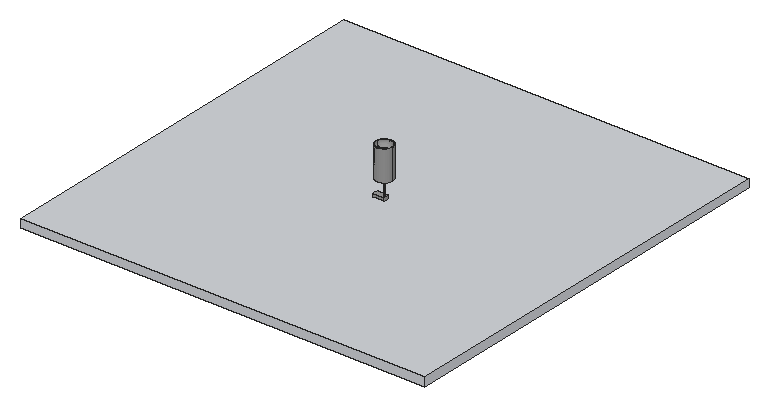
Revit family "LAMP_KOMBIC 100 SURFACE SUSPENDED TRACK 2000 CRI80 OPAL DALI", category Luminarias, Revit 2018
Family settings
  Anfitrión = Cara
  Cota de conector redondo = Diámetro de uso
  Tipo de pieza = Normal
  Corte con vacíos al cargar = No
  Origen de luz = Sí
  Compartido = No
  Punto de cálculo de habitación = No
Parameters (values of type "1392LM 3000K  M/B")
  Ángulo de inclinación = -90.00°
  Weight = 0.498 kg
  UGR = ""
  Type = "COB PHILIPS"
  Protection rating = "IP40"
  Product datasheet = "http://www.lamp.es/product-files/TECH/K11ST2040OP830NMB-EN.pdf"
  Product code = "K11ST2040OP830DMB"
  Product URL = "https://www.lamp.es/en/family/kombic-surface_474354"
  Power Supply = "220-240V 50/60Hz"
  Power = 12 W
  Plum = 13.4 W
  Modelo = Product code  # "K11ST2040OP830DMB"
  Model explanation = "Possibility to modify the lenght of the suspension cable up to 1m"
  Material reflector = LAMP_PC Reflector Kombic Metalizado Mate
  Material floron = LAMP_Plástico genérico NG
  Material difusor = LAMP_PMMA Difusor Kombic
  Material cuerpo = LAMP_Plástico genérico NG
  Material cable suspension = LAMP_Acero genérico
  Manufacturer name = "LAMP"
  Manufacturer country = "Spain"
  Manufacturer URL = "http://www.lamp.es/en"
  MacAdam = "3"
  Luminaire type = "Track Suspended"
  Last update = "28/07/2021"
  Lamp = "COB LED"
  LED Lifetime = "50.000 L80 B10"
  Insulation class = "I"
  Installation instructions = "https://www.lamp.es/product-files/packed/by-family/474354_INS_all.zip"
  IEE = "A+"
  Wattage = 13.4 W
  built-in parameter 1150107 = 3000 (stored number, unit not read)
  built-in parameter 1150110 = 1 (stored number, unit not read)
  built-in parameter 1150109 = 1 (stored number, unit not read)
  built-in parameter 1150112 = 1 (stored number, unit not read)
  built-in parameter 1150113 = 1 (stored number, unit not read)
  built-in parameter 1114218 = 1 (stored number, unit not read)
  built-in parameter 1150137 = (empty or 0)
  built-in parameter 1150132 = 2
  built-in parameter 1150105 = 1245.8 (stored number, unit not read)
  built-in parameter 1150102 = (empty or 0)
  built-in parameter 1150106 = 12.458 (stored number, unit not read)
  Height suspension [instance] = 100 mm
  Height distance [instance] = if(Height suspension > 1 mm, if(Height suspension < 1000 mm, Height suspension, 1000 mm), 1 mm)  # 100 mm
  Height = 180 mm
  Gear = "Electronic"
  Lumens = 1392.26 lm
  Finish = "Matte black RAL 9011"
  Color Filter = 16777215
  built-in parameter 1114217 = 1 (stored number, unit not read)
  built-in parameter 1150139 = (empty or 0)
  Fabricante = Manufacturer name  # "LAMP"
  Default Elevation = 1219.2 mm
  built-in parameter 1150104 = 9.6526 (stored number, unit not read)
  Efficacy = 103.9 lm/W
  Diameter = 100 mm
  built-in parameter 1150115 = 1 (stored number, unit not read)
  built-in parameter 1150114 = 1 (stored number, unit not read)
  built-in parameter 1150138 = (empty or 0)
  built-in parameter 1150134 = (empty or 0)
  Dimming Lamp Color Temperature Shift = (empty or 0)
  CRI = "80"
  Archivo de red fotométrica = "K11rd2040OP830NMw.IES"
  built-in parameter 1150133 = 10 (stored number, unit not read)
Types (12, lengths in mm): name | Product datasheet | Product code | Plum | Modelo | Material reflector | Material cuerpo | Wattage | built-in parameter 1150107 | built-in parameter 1150132 | built-in parameter 1150105 | built-in parameter 1150106 | Lumens | Finish | built-in parameter 1150104 | Efficacy | built-in parameter 1150134 | Archivo de red fotométrica
  1392LM 3000K  M/B | "http://www.lamp.es/product-files/TECH/K11ST2040OP830NMB-EN.pdf" | "K11ST2040OP830DMB" | 13.4 W | "K11ST2040OP830DMB" | LAMP_PC Reflector Kombic Metalizado Mate | LAMP_Plástico genérico NG | 13.4 W | 3000 (stored number, unit not read) | 2 | 1245.8 (stored number, unit not read) | 12.458 (stored number, unit not read) | 1392.26 lm | "Matte black RAL 9011" | 9.6526 (stored number, unit not read) | 103.9 lm/W | (empty or 0) | "K11rd2040OP830NMw.IES"
  1392LM 3000K  M/W | "http://www.lamp.es/product-files/TECH/K11ST2040OP830NMW-EN.pdf" | "K11ST2040OP830DMW" | 13.4 W | "K11ST2040OP830DMW" | LAMP_PC Reflector Kombic Metalizado Mate | LAMP_Plástico genérico BL | 13.4 W | 3000 (stored number, unit not read) | 2 | 110.79 (stored number, unit not read) | 1.1079 (stored number, unit not read) | 1392.26 lm | "Matte Traffic white RAL 9016" | 9.6526 (stored number, unit not read) | 103.9 lm/W | (empty or 0) | "K11rd2040OP830NMW.IES"
  1454LM 3000K  W/B | "http://www.lamp.es/product-files/TECH/K11ST2040OP830NWB-EN.pdf" | "K11ST2040OP830DWB" | 13.4 W | "K11ST2040OP830DWB" | LAMP_PC Reflector Kombic Blanco | LAMP_Plástico genérico NG | 13.4 W | 3000 (stored number, unit not read) | 2 | 1301 (stored number, unit not read) | 13.01 (stored number, unit not read) | 1453.9 lm | "Matte black RAL 9011" | 10.08 (stored number, unit not read) | 108.5 lm/W | (empty or 0) | "K11rd2040OP830NWw.IES"
  1454LM 3000K  W/W | "http://www.lamp.es/product-files/TECH/K11ST2040OP830NWW-EN.pdf" | "K11ST2040OP830DWW" | 13.4 W | "K11ST2040OP830DWW" | LAMP_PC Reflector Kombic Blanco | LAMP_Plástico genérico BL | 13.4 W | 3000 (stored number, unit not read) | 2 | 1301 (stored number, unit not read) | 13.01 (stored number, unit not read) | 1453.9 lm | "Matte Traffic white RAL 9016" | 10.08 (stored number, unit not read) | 108.5 lm/W | (empty or 0) | "K11rd2040OP830NWW.IES"
  1460LM 3000K  BR/B | "http://www.lamp.es/product-files/TECH/K11ST2040OP830NRB-EN.pdf" | "K11ST2040OP830DRB" | 13.7 W | "K11ST2040OP830DRB" | LAMP_PC Reflector Kombic Metalizado Brillante | LAMP_Plástico genérico NG | 13.7 W | 3000 (stored number, unit not read) | 2 | 1306.8 (stored number, unit not read) | 13.068 (stored number, unit not read) | 1460.42 lm | "Matte black RAL 9011" | 9.9035 (stored number, unit not read) | 106.6 lm/W | (empty or 0) | "K11rd2040OP830NRw.IES"
  1460LM 3000K  BR/W | "http://www.lamp.es/product-files/TECH/K11ST2040OP830NRW-EN.pdf" | "K11ST2040OP830DRW" | 13.7 W | "K11ST2040OP830DRW" | LAMP_PC Reflector Kombic Metalizado Brillante | LAMP_Plástico genérico BL | 13.7 W | 3000 (stored number, unit not read) | 2 | 1306.8 (stored number, unit not read) | 13.068 (stored number, unit not read) | 1460.42 lm | "Matte Traffic white RAL 9016" | 9.9035 (stored number, unit not read) | 106.6 lm/W | (empty or 0) | "K11rd2040OP830NRW.IES"
  1474LM 4000K  M/B | "http://www.lamp.es/product-files/TECH/K11ST2040OP840NMB-EN.pdf" | "K11ST2040OP840DMB" | 13.4 W | "K11ST2040OP840DMB" | LAMP_PC Reflector Kombic Metalizado Mate | LAMP_Plástico genérico NG | 13.4 W | 4000 (stored number, unit not read) | 2 | 1319 (stored number, unit not read) | 13.19 (stored number, unit not read) | 1474 lm | "Matte black RAL 9011" | 10.219 (stored number, unit not read) | 110 lm/W | 12 | "K11rd2040OP840NMw.IES"
  1474LM 4000K  M/W | "http://www.lamp.es/product-files/TECH/K11ST2040OP840NMW-EN.pdf" | "K11ST2040OP840DMW" | 13.4 W | "K11ST2040OP840DMW" | LAMP_PC Reflector Kombic Metalizado Mate | LAMP_Plástico genérico BL | 13.4 W | 4000 (stored number, unit not read) | 2 | 1319 (stored number, unit not read) | 13.19 (stored number, unit not read) | 1474 lm | "Matte Traffic white RAL 9016" | 10.219 (stored number, unit not read) | 110 lm/W | 12 | "K11rd2040OP840NMW.IES"
  1541LM 4000K  W/B | "http://www.lamp.es/product-files/TECH/K11ST2040OP840NWB-EN.pdf" | "K11ST2040OP840DWB" | 13.4 W | "K11ST2040OP840DWB" | LAMP_PC Reflector Kombic Blanco | LAMP_Plástico genérico NG | 13.4 W | 4000 (stored number, unit not read) | 2 | 1378.9 (stored number, unit not read) | 13.789 (stored number, unit not read) | 1541 lm | "Matte black RAL 9011" | 10.684 (stored number, unit not read) | 115 lm/W | 12 | "K11rd2040OP840NWw.IES"
  1541LM 4000K  W/W | "http://www.lamp.es/product-files/TECH/K11ST2040OP840NWW-EN.pdf" | "K11ST2040OP840DWW" | 13.4 W | "K11ST2040OP840DWW" | LAMP_PC Reflector Kombic Blanco | LAMP_Plástico genérico BL | 13.4 W | 4000 (stored number, unit not read) | (empty or 0) | 1378.9 (stored number, unit not read) | 13.789 (stored number, unit not read) | 1541 lm | "Matte Traffic white RAL 9016" | 10.684 (stored number, unit not read) | 115 lm/W | 12 | "K11rd2040OP840NWW.IES"
  1547LM 4000K  BR/B | "http://www.lamp.es/product-files/TECH/K11ST2040OP840NRB-EN.pdf" | "K11ST2040OP840DRB" | 13.4 W | "K11ST2040OP840DRB" | LAMP_PC Reflector Kombic Metalizado Brillante | LAMP_Plástico genérico NG | 13.4 W | 4000 (stored number, unit not read) | 2 | 1383.7 (stored number, unit not read) | 13.837 (stored number, unit not read) | 1546.36 lm | "Matte black RAL 9011" | 10.721 (stored number, unit not read) | 115.4 lm/W | 12 | "K11rd2040OP840NRw.IES"
  1547LM 4000K  BR/W | "http://www.lamp.es/product-files/TECH/K11ST2040OP840NRW-EN.pdf" | "K11ST2040OP840DRW" | 13.4 W | "K11ST2040OP840DRW" | LAMP_PC Reflector Kombic Metalizado Brillante | LAMP_Plástico genérico BL | 13.4 W | 4000 (stored number, unit not read) | 2 | 1383.7 (stored number, unit not read) | 13.837 (stored number, unit not read) | 1546.36 lm | "Matte Traffic white RAL 9016" | 10.721 (stored number, unit not read) | 115.4 lm/W | 12 | "K11rd2040OP840NRW.IES"
Reference planes
  plane 1 "Centro (Frontal/Posterior)": y = 0
  plane 2: z = 0
  plane 3 "Centro (Izquierda/Derecha)": x = 0
Forms (mm)
  Extrusion 1, solid
    sketch origin (0, 0, 0) x (1, 0, 0) y (0, 1, 0)
      loop
        line (-1219.2, 1219.2) -> (-1219.2, -1219.2) -> (1219.2, -1219.2) -> (1219.2, 1219.2) -> (-1219.2, 1219.2)
    from 0 to -50
  Extrusion 2, solid, material "LAMP_Plástico genérico NG" <- "Material cuerpo"
    sketch origin (0, 0, 0) x (1, 0, 0) y (0, 1, 0)
      loop
        circle (0, 0) r 50
    from 114 to 294
  Extrusion 3, void
    sketch origin (0, 0, 0) x (1, 0, 0) y (0, 1, 0)
      loop
        circle (0, 0) r 48
    from 190.009 to 294
  Sweep 4, solid, material "LAMP_PC Reflector Kombic Metalizado Mate" <- "Material reflector"
    path origin (105.103, -251.845, 294) x (1, 0, 0) y (0, 1, 0)
      loop
        circle (-105.103, 251.959) r 48
    profile origin (0, 48.114, 294) x (0, -1, 0) y (0, 0, 1)
      loop
        arc (0, 0) -> (6.616, -20.646) -> (24, -33.6) r 35.52
        line (24, -33.6) -> (24, -32.6)
        arc (24, -32.6) -> (7.196, -20.217) -> (2, 0) r 31.112
        line (2, 0) -> (0, 0)
  Extrusion 5, solid, material "LAMP_PMMA Difusor Kombic" <- "Material difusor"
    sketch origin (0, 0, 0) x (1, 0, 0) y (0, 1, 0)
      loop
        circle (0, 0) r 24
    from 260.4 to 261.4
  Extrusion 6, solid, material "LAMP_Plástico genérico NG" <- "Material cuerpo"
    sketch origin (0, 0, 0) x (1, 0, 0) y (0, 1, 0)
      loop
        arc (-54.442, 16) -> (-58.313, 0) -> (-54.442, -16) r 35
        line (-54.442, -16) -> (7.815, -16)
        arc (7.815, -16) -> (11.687, 0) -> (7.815, 16) r 35
        line (7.815, 16) -> (-54.442, 16)
    from -26 to 14
  Extrusion 7, void
    sketch origin (0, 0, 0) x (0, 1, 0) y (0, 0, 1)
      loop
        line (17, 0) -> (7, 0) -> (7, -25) -> (-7, -25) -> (-7, 0) -> (-17, 0) -> (-17, -26) -> (17, -26) -> (17, 0)
    from -59.309 to 12.887
  Extrusion 8, solid
    sketch origin (0, 0, 0) x (1, 0, 0) y (0, 1, 0)
      loop
        circle (0, 0) r 1
    from 14 to 114
Cuts and joins
  Extrusion 3 cuts Extrusion 2
  Extrusion 7 cuts Extrusion 6
Text (mm)
  text "Any modification of the parameters and properties of the LAMP BIM models must be executed and validated by the LAMP technical department.\nPhone: +34 93 736 68 00\nE-mail: lamp@lamp.es\n\nLAMP reserves the right to modify the technical specifications of its products." at (1856.491, -4316.333, -2622.127), in view "Preview"
Dimensions and locks
  locked: Extrusion 2 to Extrusion 2 at 180
  locked: cut or joined group of Extrusion 2, Extrusion 3 to cut or joined group of Extrusion 2, Extrusion 3 at 103.991
  "Height distance": cut or joined group of Extrusion 2, Extrusion 3 to cut or joined group of Extrusion 6, Extrusion 7
  locked: cut or joined group of Extrusion 6, Extrusion 7 to Extrusion 1 at 14
  aligned and locked: plane 2 to Extrusion 1
  aligned and locked: level to Extrusion 1
  aligned and locked: Extrusion 2 to Extrusion 3
  aligned and locked: Sweep 4 to Extrusion 5
  aligned and locked: Extrusion 5 to Sweep 4
  aligned and locked: imposter light to cut or joined group of Extrusion 2, Extrusion 3
  aligned and locked: Extrusion 8 to cut or joined group of Extrusion 6, Extrusion 7
  aligned and locked: cut or joined group of Extrusion 2, Extrusion 3 to Extrusion 8
Automatic sketch dimensions
  Extrusion 1 sketch curve to Extrusion 1 sketch curve = 2438.4 mm  (x2)
  plane 1 "Centro (Frontal/Posterior)" to Extrusion 2 sketch curve = 0 mm
  Extrusion 2 sketch curve to plane 3 "Centro (Izquierda/Derecha)" = 0 mm
  plane 1 "Centro (Frontal/Posterior)" to Extrusion 3 sketch curve = 0 mm
  Extrusion 3 sketch curve to plane 3 "Centro (Izquierda/Derecha)" = 0 mm
  Sweep 4 sketch curve to profile plane = 0 mm  (x2)
  Sweep 4 sketch curve to Sweep 4 sketch curve = 2 mm
  Sweep 4 sketch curve to profile plane = 24 mm
  Sweep 4 sketch curve to profile plane = 2.814 mm
  Sweep 4 sketch curve to Sweep 4 sketch curve = 8.984 mm
  Sweep 4 sketch curve to Sweep 4 sketch curve = 2.536 mm
  plane 1 "Centro (Frontal/Posterior)" to Extrusion 5 sketch curve = 0 mm
  Extrusion 5 sketch curve to plane 3 "Centro (Izquierda/Derecha)" = 0 mm
  Extrusion 6 sketch curve to Extrusion 6 sketch curve = 0 mm  (x2)
  plane 1 "Centro (Frontal/Posterior)" to Extrusion 6 sketch curve = 0 mm
  Extrusion 6 sketch curve to plane 1 "Centro (Frontal/Posterior)" = 16 mm
  Extrusion 6 sketch curve to plane 3 "Centro (Izquierda/Derecha)" = 54.442 mm
  plane 1 "Centro (Frontal/Posterior)" to Extrusion 6 sketch curve = 16 mm
  Extrusion 6 sketch curve to plane 3 "Centro (Izquierda/Derecha)" = 23.313 mm
  plane 3 "Centro (Izquierda/Derecha)" to Extrusion 6 sketch curve = 7.815 mm
  Extrusion 7 sketch curve to level = 0 mm  (x2)
  plane 1 "Centro (Frontal/Posterior)" to Extrusion 7 sketch curve = 17 mm
  plane 1 "Centro (Frontal/Posterior)" to Extrusion 7 sketch curve = 7 mm
  Extrusion 7 sketch curve to plane 1 "Centro (Frontal/Posterior)" = 7 mm
  Extrusion 7 sketch curve to Extrusion 7 sketch curve = 10 mm
  Extrusion 7 sketch curve to Extrusion 7 sketch curve = 25 mm
  Extrusion 7 sketch curve to Extrusion 7 sketch curve = 1 mm
  plane 1 "Centro (Frontal/Posterior)" to Extrusion 8 sketch curve = 0 mm
  Extrusion 8 sketch curve to plane 3 "Centro (Izquierda/Derecha)" = 0 mm
  radius of Extrusion 2 sketch curve = 50 mm
  radius of Extrusion 3 sketch curve = 48 mm
  radius of Sweep 4 sketch curve = 48 mm
  radius of Extrusion 5 sketch curve = 24 mm
  radius of Extrusion 8 sketch curve = 1 mm
Connectors
  electrical at (0, 0, 114)
    settings: on cut or joined group of Extrusion 2, Extrusion 3, index 1, voltage 230 V, apparent load 0 VA, apparent load phase1 0 VA, apparent load phase2 0 VA, apparent load phase3 0 VA, power factor 1, load classification "Otro", number of poles 1, system type 31, power factor state 1, is connector primary yes, connector utility no, sub classification motor no, connector description ""
